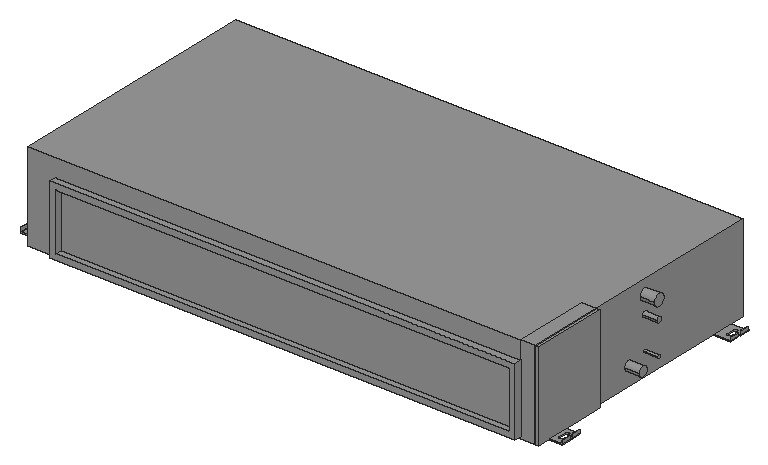
Revit family "11.2(14,16)kW", category Mechanical Equipment, Revit 2013
Parameters (values of type "12.5kW")
  clearance access right = 300.000 mm
  clearance access left = 200.000 mm
  clearance access front = 0.000 mm
  clearance access behind = 200.000 mm
  clearance [instance] = no
  Width = 1510.000 mm
  URL = ""
  Series = "VRF IDU"
  Power supply = "220-240V, 50/60Hz"
  Net Weight = 39.00 kg
  Model = "12.5kW"
  Minimum Circuit Amps = 2.3 A
  Maximum Fuse Amps = 15 A
  Manufacturer = ""
  Machine material = grilles：ABS/HIPS
  Liquid pipe Radius = 0.5 * Liquid pipe  # 4.760 mm
  Liquid pipe = 9.520 mm
  Installation = "Indoor installation"
  Height = 245.000 mm
  Heating Power Input = 172 W
  Heating Capacity = 14.00 kW
  Gas pipe Radius = 0.5 * Gas pipe  # 7.950 mm
  Gas pipe = 15.900 mm
  Gas = "R32/R410A"
  Description = "High efficiency air cooled"
  Depth = 770.000 mm
  Cooling Power Input = 172 W
  Cooling Capacity = 12.50 kW
  Condensation = "air"
  Air  Flow = "2105/1971/1837/1703/1568/1434/1300 m3/h"
Types (5, lengths in mm): name | Net Weight | Model | Minimum Circuit Amps | Heating Power Input | Heating Capacity | Cooling Power Input | Cooling Capacity | Air  Flow
  (no name) | 39.00 kg | "12.5kW" | 2.3 A | 172 W | 14.00 kW | 172 W | 12.50 kW | "2105/1971/1837/1703/1568/1434/1300 m3/h"
  11.2kW | 37.00 kg | "11.2kW" | 2.29 A | 138 W | 12.50 kW | 138 W | 11.20 kW | "1950/1817 /1683/1550/1417/1283/1150 m3/h"
  14kW | 39.00 kg | "14kW" | 2.31 A | 172 W | 16.00 kW | 172 W | 14.00 kW | "2105/1971 /1837/1703/1568/1434/1300 m3/h"
  16kW | 39.00 kg | "16kW" | 2.76 A | 210 W | 18.00 kW | 210 W | 16.00 kW | "2350/2160/2015/1871/1776/1533/1400 m3/h"
  12.5kW | 39.00 kg | "12.5kW" | 2.3 A | 172 W | 14.00 kW | 172 W | 12.50 kW | "2105/1971/1837/1703/1568/1434/1300 m3/h"
Reference planes
  plane 1 "Center(front/bcak)": y = 0
  plane 2: z = 0
  plane 3 "Center(Left/Right)": x = 0
  plane 4: z = 245
  plane 5: x = 460
  plane 6: x = -1010
  plane 7: x = 500
  plane 8: y = 515
  plane 9: y = -255
Forms (mm)
  Extrusion 1, solid, material "grilles：ABS/HIPS" <- "Machine material", detail levels medium+fine
    sketch origin (0, 0, 0) x (1, 0, 0) y (0, 1, 0)
      loop
        line (0, 487.24) -> (-960, 487.24) -> (-960, -235) -> (450, -235) -> (450, 487.24) -> (0, 487.24)
    from 0 to 245
  Extrusion 2, solid, material "grilles：ABS/HIPS" <- "Machine material", detail levels fine
    sketch origin (0, 0, 0) x (1, 0, 0) y (0, 0, 1)
      loop
        line (-883.304, 195.957) -> (-883.304, 5.508) -> (410, 5.508) -> (410, 195.957) -> (-883.304, 195.957)
      loop
        line (-867.979, 180.848) -> (-867.979, 20) -> (395.512, 20) -> (395.512, 180.848) -> (-867.979, 180.848)
    from 235 to 255
  Extrusion 3, solid, material "grilles：ABS/HIPS" <- "Machine material", detail levels fine
    sketch origin (0, 510, 0) x (1, 0, 0) y (0, 0, 1)
      loop
        line (-720, 201.631) -> (-720, 35.283) -> (410, 35.283) -> (410, 201.631) -> (-720, 201.631)
      loop
        line (-712.73, 195.957) -> (-712.73, 41.576) -> (402.589, 41.576) -> (402.589, 195.957) -> (-712.73, 195.957)
    from -5 to 22.76
  Extrusion 4, solid, material "grilles：ABS/HIPS" <- "Machine material", detail levels fine
    sketch origin (0, 0, 0) x (0, 1, 0) y (0, 0, 1)
      loop
        circle (135, 215) r 15
    from 460 to 500
  Extrusion 5, solid, material "grilles：ABS/HIPS" <- "Machine material", detail levels fine
    sketch origin (0, 0, 0) x (0, 1, 0) y (0, 0, 1)
      loop
        circle (135, 165.396) r 6.35
    from 460 to 500
  Extrusion 6, solid, material "grilles：ABS/HIPS" <- "Machine material", detail levels fine
    sketch origin (0, 0, 0) x (0, 1, 0) y (0, 0, 1)
      loop
        circle (135, 73.557) r 3.175
    from 460 to 500
  Extrusion 7, solid, material "grilles：ABS/HIPS" <- "Machine material", detail levels fine
    sketch origin (0, 0, 0) x (0, 1, 0) y (0, 0, 1)
      loop
        circle (79.212, 61.022) r 12.5
    from 460 to 500
  Extrusion 8, solid, material "grilles：ABS/HIPS" <- "Machine material", detail levels fine
    sketch origin (0, 0, 0) x (1, 0, 0) y (0, 0, 1)
      loop
        line (460, 0) -> (460, 245) -> (410, 245) -> (410, 0) -> (460, 0)
    from 20 to 235
  Extrusion 9, solid, material "grilles：ABS/HIPS" <- "Machine material", detail levels fine
    sketch origin (0, 0, 0) x (0, 1, 0) y (0, 0, 1)
      loop
        circle (-154.402, 175.106) r 49
    from -960 to -883.304
Lines and regions (mm)
  model lines, detail levels fine
    curve 1: line (-867.979, -255, 180.848) -> (395.512, -255, 180.848)
    curve 2: line (-867.979, -255, 20) -> (-867.979, -255, 180.848)
    curve 3: line (397.073, -255, 20) -> (-867.979, -255, 20)
  model lines
    curve 4: line (450, -235, 245) -> (-960, -235, 245)
    curve 5: line (-960, -235, 245) -> (-960, 487.24, 245)
    curve 6: line (-960, 487.24, 245) -> (450, 487.24, 245)
    curve 7: line (450, 487.24, 0) -> (-960, 487.24, 0)
    curve 8: line (-960, 487.24, 0) -> (-960, -235, 0)
    curve 9: line (-960, -235, 0) -> (450, -235, 0)
    curve 10: line (-960, -235, 245) -> (-960, -235, 0)
    curve 11: line (450, -235, 245) -> (450, 487.24, 245)
    curve 12: line (450, 487.24, 245) -> (450, 487.24, 0)
    curve 13: line (450, 487.24, 0) -> (450, -235, 0)
    curve 14: line (450, -235, 0) -> (450, -235, 245)
    curve 15: line (-960, 487.24, 245) -> (-960, 487.24, 0)
Dimensions and locks
  "Height": plane 4 to level
  "Depth": Extrusion 3 to Extrusion 2
  nested 5 to nested 5 = 300.000 mm
  nested 6 to nested 6 = 200.000 mm
  "Width": nested 6 to nested 5
  diameter of Extrusion 6 = 6.350 mm
  diameter of Extrusion 5 = 12.700 mm
  aligned and locked: level to plane 2
Automatic sketch dimensions
  Extrusion 1 sketch curve to plane 3 "Center(Left/Right)" = 0.000 mm
  plane 1 "Center(front/bcak)" to Extrusion 1 sketch curve = 235.000 mm
  Extrusion 1 sketch curve to plane 3 "Center(Left/Right)" = 960.000 mm
  plane 3 "Center(Left/Right)" to Extrusion 1 sketch curve = 450.000 mm
  Extrusion 1 sketch curve to plane 1 "Center(front/bcak)" = 487.240 mm
  level to Extrusion 2 sketch curve = 5.508 mm
  Extrusion 2 sketch curve to plane 3 "Center(Left/Right)" = 883.304 mm
  level to Extrusion 2 sketch curve = 20.000 mm
  Extrusion 2 sketch curve to Extrusion 2 sketch curve = 15.325 mm
  plane 4 to Extrusion 2 sketch curve = 64.152 mm
  plane 3 "Center(Left/Right)" to Extrusion 2 sketch curve = 395.512 mm
  plane 4 to Extrusion 2 sketch curve = 49.043 mm
  Extrusion 2 sketch curve to Extrusion 2 sketch curve = 14.488 mm
  level to Extrusion 3 sketch curve = 35.283 mm
  Extrusion 3 sketch curve to plane 3 "Center(Left/Right)" = 720.000 mm
  level to Extrusion 3 sketch curve = 41.576 mm
  Extrusion 3 sketch curve to Extrusion 3 sketch curve = 7.270 mm
  plane 4 to Extrusion 3 sketch curve = 49.043 mm
  plane 3 "Center(Left/Right)" to Extrusion 3 sketch curve = 402.589 mm
  Extrusion 3 sketch curve to Extrusion 3 sketch curve = 7.411 mm
  Extrusion 3 sketch curve to Extrusion 3 sketch curve = 5.673 mm
  plane 4 to Extrusion 4 sketch curve = 30.000 mm
  Extrusion 4 sketch curve to plane 1 "Center(front/bcak)" = 135.000 mm
  Extrusion 5 sketch curve to plane 1 "Center(front/bcak)" = 135.000 mm
  plane 4 to Extrusion 5 sketch curve = 79.604 mm
  Extrusion 6 sketch curve to plane 1 "Center(front/bcak)" = 135.000 mm
  level to Extrusion 6 sketch curve = 73.557 mm
  Extrusion 7 sketch curve to plane 1 "Center(front/bcak)" = 79.212 mm
  level to Extrusion 7 sketch curve = 61.022 mm
  curve 4 to Extrusion 1 = 0.000 mm  (x3)
  curve 5 to Extrusion 1 = 0.000 mm
  curve 6 to Extrusion 1 = 0.000 mm
  curve 7 to Extrusion 1 = 0.000 mm  (x2)
  curve 8 to Extrusion 1 = 0.000 mm  (x2)
  curve 9 to Extrusion 1 = 0.000 mm
  curve 10 to Extrusion 1 = 0.000 mm  (x3)
  Extrusion 1 to curve 11 = 0.000 mm
  curve 11 to Extrusion 1 = 0.000 mm
  curve 13 to Extrusion 1 = 0.000 mm  (x2)
  Extrusion 8 sketch curve to level = 0.000 mm
  Extrusion 8 sketch curve to plane 4 = 0.000 mm
  plane 3 "Center(Left/Right)" to Extrusion 8 sketch curve = 410.000 mm
  Extrusion 8 sketch curve to Extrusion 8 sketch curve = 50.000 mm
  plane 4 to Extrusion 9 sketch curve = 69.894 mm
  plane 1 "Center(front/bcak)" to Extrusion 9 sketch curve = 154.402 mm
  curve 1 to Extrusion 2 = 0.000 mm
  curve 3 to Extrusion 2 = 1.561 mm
  curve 15 to Extrusion 1 = 0.000 mm  (x3)
  curve 2 to Extrusion 2 = 0.000 mm
  curve 3 to Extrusion 2 = 0.000 mm  (x2)
  radius of Extrusion 4 sketch curve = 15.000 mm
  radius of Extrusion 5 sketch curve = 6.350 mm
  radius of Extrusion 6 sketch curve = 3.175 mm
  radius of Extrusion 7 sketch curve = 12.500 mm
  radius of Extrusion 9 sketch curve = 49.000 mm
Nested families
  nested 1: "Beautiful-Lagou-yuanjiao50" at (450, -200, 0) x (0, 1, 0) z (0, 0, 1), type "Lagou-HXL", detail levels fine
  nested 2: "Beautiful-Lagou-yuanjiao50" at (450, 385, 0) x (0, 1, 0) z (0, 0, 1), type "Lagou-HXL", detail levels fine
  nested 3: "Beautiful-Lagou-yuanjiao50" at (-960, 445, 0) x (0, -1, 0) z (0, 0, 1), type "Lagou-HXL", detail levels fine
  nested 4: "Beautiful-Lagou-yuanjiao50" at (-960, -140, 0) x (0, -1, 0) z (0, 0, 1), type "Lagou-HXL", detail levels fine
  nested 5: "service space" at (500, -255, 0), Height <- "Height", visible <- "clearance", type "Service  Space"
    with Width 300.000 mm, Height 245.000 mm, Depth 770.000 mm
  nested 6: "service space" at (-1210, -255, 0), Height <- "Height", visible <- "clearance", type "Service  Space"
    with Width 200.000 mm, Height 245.000 mm, Depth 770.000 mm
  nested 7: "service space" at (-1010, -555, 0), Height <- "Height", visible <- "clearance", type "Service  Space"
    with Width 1510.000 mm, Height 245.000 mm, Depth 300.000 mm
Connectors
  piping at (500, 79.212, 61.022)
    settings: on Extrusion 7, index 11, connector radius 12.5 mm, flow factor 0, pipe flow 0.0 m³/h, pressure drop 0.0 Pa, fitting loss kfactor 0, connector angle 0.00°, fixture units 0, engagement length 0.000 mm, flow configuration 1, flow direction 2, fitting loss method 0, system type 29, joint type 0, gender type 0, connector reference index -1, connector utility 0, adjustable connector no, is connector primary yes, fitting loss table "", connector description "Drain pipe OD Φ 25mm"
  piping at (500, 135, 73.557), driven by "Liquid pipe Radius"
    settings: on Extrusion 6, index 16, connector radius 4.76 mm, flow factor 0, pipe flow 0.0 m³/h, pressure drop 0.0 Pa, fitting loss kfactor 0, connector angle 0.00°, fixture units 0, engagement length 0.000 mm, flow configuration 1, flow direction 0, fitting loss method 4, system type 22, joint type 0, gender type 0, connector reference index -1, connector utility 0, adjustable connector no, is connector primary no, fitting loss table "", connector description "Liquid pipe"
  piping at (500, 135, 165.396), driven by "Gas pipe Radius"
    settings: on Extrusion 5, index 17, connector radius 7.95 mm, flow factor 0, pipe flow 0.0 m³/h, pressure drop 0.0 Pa, fitting loss kfactor 0, connector angle 0.00°, fixture units 0, engagement length 0.000 mm, flow configuration 1, flow direction 0, fitting loss method 4, system type 22, joint type 0, gender type 0, connector reference index -1, connector utility 0, adjustable connector no, is connector primary no, fitting loss table "", connector description "Gas pipe"
  electrical at (460, -127.5, 122.5)
    settings: on Extrusion 8, index 18, voltage 220 V, apparent load 0 VA, apparent load phase1 0 VA, apparent load phase2 0 VA, apparent load phase3 0 VA, power factor 1, load classification "Other", number of poles 1, system type 30, power factor state 1, is connector primary yes, connector utility no, sub classification motor no, connector description "The location of electrical connectors is not the same as the actual location because the wiring terminal is inside the unit."
  hvac at (-960, -154.402, 175.106)
    settings: on Extrusion 9, index 21, duct flow 0.0 m³/h, flow factor 0, pres drop 0.0 Pa, loss coef 0, conn angle 0.00°, conn width 304.8 mm, conn height 304.8 mm, conn radius 49 mm, duct sys type 4, conn prof type 0, flow config 0, flow direction 0, loss method 0, conn ref index -1, conn util no, is conn primary yes, conn desc ""
  hvac at (-236.652, -255, 100.733)
    settings: on Extrusion 2, index 22, duct flow 0.0 m³/h, flow factor 0, pres drop 0.0 Pa, loss coef 0, conn angle 0.00°, conn width 934 mm, conn height 147 mm, conn radius 304.8 mm, duct sys type 3, conn prof type 1, flow config 0, flow direction 0, loss method 0, conn ref index -1, conn util no, is conn primary no, conn desc ""
  hvac at (-155, 515, 118.457)
    settings: on Extrusion 3, index 23, duct flow 0.0 m³/h, flow factor 0, pres drop 0.0 Pa, loss coef 0, conn angle 0.00°, conn width 1134 mm, conn height 147 mm, conn radius 304.8 mm, duct sys type 3, conn prof type 1, flow config 0, flow direction 0, loss method 0, conn ref index -1, conn util no, is conn primary no, conn desc ""
Definition of nested family "Beautiful-Lagou-yuanjiao50"
  Parameters (values of type "Lagou-HXL")
    Manufacturer = "HXL"
    Machine material = grilles：ABS/HIPS
  Reference planes
    plane 1 "Center (Front/Back)": y = 0
    plane 2: z = 0
    plane 3 "Center (Left/Right)": x = 0
    plane 4: x = 30
  Forms (mm)
    Extrusion 1, solid, material "grilles：ABS/HIPS" <- "Machine material"
      sketch origin (0, -10, 0) x (0, 1, 0) y (0, 0, 1)
        loop
          line (10, 0) -> (10, 2) -> (-37.174, 2)
          arc (-37.174, 2) -> (-37.758, 2.242) -> (-38, 2.826) r 0.826
          line (-38, 2.826) -> (-38, 12) -> (-40, 12) -> (-40, 2)
          arc (-40, 2) -> (-39.414, 0.586) -> (-38, 0) r 2
          line (-38, 0) -> (10, 0)
      from 0 to 60
    Extrusion 2, void
      sketch origin (10, -10, 0) x (1, 0, 0) y (0, 1, 0)
        loop
          arc (10, -14) -> (4, -20) -> (10, -26) r 6
          line (10, -26) -> (30, -26)
          arc (30, -26) -> (36, -20) -> (30, -14) r 6
          line (30, -14) -> (10, -14)
      from 0 to 2
    Extrusion 3, void
      sketch origin (10, -10, 0) x (1, 0, 0) y (0, 1, 0)
        loop
          line (15, -26) -> (15, -40) -> (25, -40) -> (25, -26) -> (15, -26)
      from 0 to 250
    Extrusion 4, void
      sketch origin (0, 0, 0) x (1, 0, 0) y (0, 0, 1)
        loop
          line (60, 9) -> (60, 12) -> (57, 12)
          arc (57, 12) -> (59.121, 11.121) -> (60, 9) r 3
        loop
          arc (35, 9) -> (35.879, 11.121) -> (38, 12) r 3
          line (38, 12) -> (35, 12) -> (35, 9)
        loop
          arc (0, 9) -> (0.879, 11.121) -> (3, 12) r 3
          line (3, 12) -> (0, 12) -> (0, 9)
        loop
          line (25, 9) -> (25, 12) -> (22, 12)
          arc (22, 12) -> (24.121, 11.121) -> (25, 9) r 3
      from 0 to 250
  Cuts and joins
    Extrusion 2, Extrusion 3, Extrusion 4 cuts Extrusion 1
  Dimensions and locks
    aligned and locked: level to plane 2
Definition of nested family "service space"
  Parameters (values of type "Midea Service  Space")
    Width [instance] = 500.000 mm
    Height [instance] = 500.000 mm
    Depth [instance] = 500.000 mm
  Reference planes
    plane 1 "Center (Front/Back)": y = 0
    plane 2: z = 0
    plane 3 "Center (Left/Right)": x = 0
    plane 4: z = 500
    plane 5: y = 500
    plane 6: x = 500
  Forms (mm)
    Extrusion 1, solid, material "Midea Service Space-HDY"
      sketch origin (0, 0, 0) x (1, 0, 0) y (0, 1, 0)
        loop
          line (0, 500) -> (0, 0) -> (500, 0) -> (500, 500) -> (0, 500)
      from 0 to 500
  Dimensions and locks
    "Width": plane 3 "Center (Left/Right)" to plane 6
    "Depth": plane 5 to plane 1 "Center (Front/Back)"
    "Height": level to plane 4
    aligned and locked: level to plane 2
    aligned and locked: plane 5 to Extrusion 1
    aligned and locked: Extrusion 1 to plane 6
    aligned and locked: Extrusion 1 to plane 3 "Center (Left/Right)"
    aligned and locked: plane 1 "Center (Front/Back)" to Extrusion 1
    aligned and locked: Extrusion 1 to plane 4
  Automatic sketch dimensions
    Extrusion 1 sketch curve to plane 3 "Center (Left/Right)" = 0.000 mm
    plane 1 "Center (Front/Back)" to Extrusion 1 sketch curve = 0.000 mm
    Extrusion 1 sketch curve to plane 6 = 0.000 mm
    Extrusion 1 sketch curve to plane 5 = 0.000 mm
